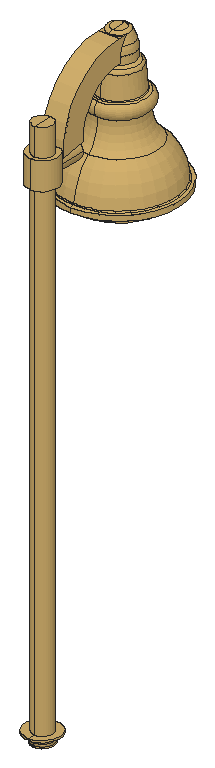
Revit family "KLV167", category Lighting Fixtures, Revit 2014
Parameters (values of type "KLV167")
  Wattage Comments = "12W"  # constant formula
  Wattage = 12 W
  built-in parameter 1150110 = 1 (stored number, unit not read)
  Voltage = 120 V
  URL = "http://www.kimlighting.com"
  Type Comments = "Lighting Fixture"  # constant formula
  built-in parameter 1114217 = 1 (stored number, unit not read)
  Tilt Angle = 90.00°
  built-in parameter 1150109 = 1 (stored number, unit not read)
  built-in parameter 1150134 = 3
  built-in parameter 1150113 = 1 (stored number, unit not read)
  Series = "Bell Accent/Path/Wall Lighting"  # constant formula
  Product Page URL = "https://www.hubbell.com/kimlighting/en/Products/Lighting-Controls/Commercial-Outdoor-Lighting/Landscape/Bell/p/248517"
  Product Documentation Link = "https://hubbellcdn.com/catalogpage/kim_bell_psg.pdf"
  Power Factor = 0.9  # constant formula
  Pole Height = Mount Height - 16 1/2"  # 29"
  Pole Finish = Metal-Kim Lighting-Aluminum Alloy
  Photometric Web Link = "https://www.hubbell.com/kimlighting/en/Products/Lighting-Controls/Commercial-Outdoor-Lighting/Landscape/Bell/p/248517#prod-photometry-section"
  Photometric Web File = "an52-9l3k.ies"
  Photometric Notes = "More IES files download on Photometric Web Link"  # constant formula
  OmniClass Title = "Street and Roadway Lighting"  # constant formula
  OmniClass Number = "23-80 70 14 21"  # constant formula
  Number of Poles = 1
  Mount Height = 45 1/2"
  Model = "Bell"  # constant formula
  MasterFormat Title = "Parking Lighting, Roadway Lighting, Site Lighting"  # constant formula
  Manufacturer = "Kim Lighting"  # constant formula
  built-in parameter 1150105 = 954.93 (stored number, unit not read)
  Lumens = 12000 lm
  built-in parameter 1150115 = 1 (stored number, unit not read)
  Load Classification = Lighting
  built-in parameter 1150137 = (empty or 0)
  built-in parameter 1150139 = (empty or 0)
  built-in parameter 1150112 = 1 (stored number, unit not read)
  built-in parameter 1150114 = 1 (stored number, unit not read)
  Lamp = "LED"  # constant formula
  Inside Material = Metal-Kim Lighting-Aluminum-Reflective
  built-in parameter 1150132 = (empty or 0)
  built-in parameter 1150102 = (empty or 0)
  built-in parameter 1150107 = 3200 (stored number, unit not read)
  built-in parameter 1150138 = (empty or 0)
  built-in parameter 1150106 = 9.5493 (stored number, unit not read)
  Housing Material = Metal-Hubbell-Brass
  Glass Material = Glass-Kim Lighting-Clear
  Finish = "All colors shall be a Super TGIC powder coat paint. Optional white (WH) and custom colors available."
  Emit from Circle Diameter = 5"  # constant formula
  Emit Shape Visible in Rendering = no
  built-in parameter 1150104 = 92.903 (stored number, unit not read)
  Dimming Lamp Color Temperature Shift = <None>
  Description = "Site/Roadway Luminaire"  # constant formula
  Color Filter = 16777215
  built-in parameter 1114218 = 1 (stored number, unit not read)
  built-in parameter 1150133 = 10 (stored number, unit not read)
  Assembly Code = "D5020200"
  Arm Material = Metal-Kim Lighting-Aluminum Alloy
  Apparent Load = 0 VA
  Height = 22"
Reference planes (in)
  plane 1 "Center (Front/Back)": y = 0
  plane 2: z = 29
  plane 3 "Center (Left/Right)": x = -1.40174
  plane 4: x = 2.59826
  plane 5: x = -5.40174
  plane 6: x = 11.09826
  plane 7: x = -13.90174
  plane 8: x = 3.59826
  plane 9: x = -6.40174
  plane 10: x = 4.34826
  plane 11: x = -7.15174
  plane 12: z = 0
  plane 13: y = 7.36328
  plane 14: z = 21.5
  plane 15: y = 1.86328
Forms (in)
  Revolve 1, solid, material "Metal-Hubbell-Brass" <- "Housing Material"
    sketch origin (-1.40174, 0, 0) x (0, 1, 0) y (0, 0, 1)
      loop
        line (4.61328, 21.62676) -> (4.61328, 27.81771) -> (4.61328, 29) -> (4.23357, 29)
        arc (4.23357, 29) -> (4.13504, 28.96893) -> (4.07214, 28.88697) r 0.17179
        line (4.07214, 28.88697) -> (3.92563, 28.48445)
        arc (3.92563, 28.48445) -> (3.87412, 28.29217) -> (3.85677, 28.09387) r 1.14196
        line (3.85677, 28.09387) -> (3.85677, 27.70949) -> (3.6932, 27.59496)
        arc (3.6932, 27.59496) -> (3.62374, 27.51849) -> (3.59396, 27.41956) r 0.23406
        line (3.59396, 27.41956) -> (3.51938, 26.35304)
        arc (3.51938, 26.35304) -> (3.49905, 26.31541) -> (3.45734, 26.3059) r 0.0518
        arc (3.45734, 26.3059) -> (3.38929, 26.30716) -> (3.32529, 26.28397) r 0.187
        arc (3.32529, 26.28397) -> (3.13659, 25.95447) -> (3.32529, 25.62497) r 0.38203
        arc (3.32529, 25.62497) -> (3.25412, 24.85274) -> (2.81226, 24.21543) r 1.52453
        arc (2.81226, 24.21543) -> (2.18956, 23.43071) -> (1.90739, 22.4695) r 2.61654
        arc (1.90739, 22.4695) -> (1.89501, 22.44168) -> (1.86829, 22.42707) r 0.04757
        line (1.86829, 22.42707) -> (1.71433, 22.39992) -> (1.71433, 22.14992) -> (1.98645, 22.14992)
        arc (1.98645, 22.14992) -> (2.02952, 22.13208) -> (2.04736, 22.08901) r 0.06091
        line (2.04736, 22.08901) -> (2.04736, 22.01035)
        arc (2.04736, 22.01035) -> (2.05616, 21.98911) -> (2.07739, 21.98031) r 0.03003
        line (2.07739, 21.98031) -> (2.15301, 21.98031)
        arc (2.15301, 21.98031) -> (2.40301, 21.87676) -> (2.50656, 21.62676) r 0.35355
        line (2.50656, 21.62676) -> (4.61328, 21.62676)
      axis (4.61328, 29) -> (4.61328, 21.62676)
    angle from 0 to 360
  Extrusion 2, solid, material "Metal-Hubbell-Brass" <- "Housing Material"
    sketch origin (-1.40174, 0, 0) x (0, 1, 0) y (0, 0, 1)
      loop
        line (0.64946, 25.17415) -> (1.79581, 25.37629)
        arc (1.79581, 25.37629) -> (2.44127, 27.08888) -> (4.12452, 27.80741) r 2.33086
        line (4.12452, 27.80741) -> (4.39959, 27.80741) -> (4.39959, 28.875) -> (4.02459, 28.875)
        arc (4.02459, 28.875) -> (1.52021, 27.76951) -> (0.64946, 25.17415) r 3.38946
    from -0.51895 to 0.50237
  Revolve 3, solid, material "Metal-Hubbell-Brass" <- "Housing Material"
    sketch origin (-1.40174, 0, 0) x (0, 1, 0) y (0, 0, 1)
      loop
        line (0, 26.875) -> (-0.4749, 26.875) -> (-0.4749, 25.5625) -> (-0.7249, 25.5625) -> (-0.7249, 24.25) -> (-0.4749, 24.25) -> (-0.4749, 0.5) -> (-0.84322, 0.5) -> (-0.84322, 0.4197) -> (-0.4749, 0.4197)
        arc (-0.4749, 0.4197) -> (-0.53551, 0.35908) -> (-0.4749, 0.29847) r 0.06061
        arc (-0.4749, 0.29847) -> (-0.53449, 0.23888) -> (-0.4749, 0.17928) r 0.05959
        arc (-0.4749, 0.17928) -> (-0.53551, 0.11867) -> (-0.4749, 0.05806) r 0.06061
        arc (-0.4749, 0.05806) -> (-0.51649, 0.04114) -> (-0.53447, 0) r 0.05959
        line (-0.53447, 0) -> (0, 0) -> (0, 26.875)
      axis (0, 26.875) -> (0, 0)
    angle from 0 to 360
  Extrusion 4, solid, material "Metal-Hubbell-Brass" <- "Housing Material"
    sketch origin (0, 0, 0) x (1, 0, 0) y (0, 0, 1)
      loop
        circle (-1.40174, 24.93242) r 0.49941
    from -1.80078 to -0.37962
Cuts and joins
  joined: Revolve 3, Extrusion 4
Dimensions and locks (in)
  equal spacing: plane 7, plane 3 "Center (Left/Right)", plane 6, locked at 12.5 each
  locked: plane 7 to plane 6 at 25
  equal spacing: plane 11, plane 3 "Center (Left/Right)", plane 10, locked at 5.75 each
  equal spacing: plane 9, plane 3 "Center (Left/Right)", plane 8, locked at 5 each
  equal spacing: plane 5, plane 3 "Center (Left/Right)", plane 4, locked at 4 each
  plane 2 to plane 12 = 29"
  plane 13 to plane 15 = 5 1/2"
  plane 2 to plane 14 = 7 1/2"
  plane 13 to plane 1 "Center (Front/Back)" = 7 93/256"
  aligned and locked: plane 3 "Center (Left/Right)" to nested 1
  aligned and locked: plane 3 "Center (Left/Right)" to imposter light
Automatic sketch dimensions
  Extrusion 2 sketch curve to plane 2 = 1/8"
  Extrusion 2 sketch curve to plane 1 "Center (Front/Back)" = 0.64946"
  Extrusion 2 sketch curve to plane 15 = 2.16131"
  Extrusion 2 sketch curve to Extrusion 2 sketch curve = 0.09993"
  Extrusion 2 sketch curve to Extrusion 2 sketch curve = 0.27507"
  Extrusion 2 sketch curve to Extrusion 2 sketch curve = 1.06759"
  Extrusion 2 sketch curve to Extrusion 2 sketch curve = 0.00899"
  Revolve 3 sketch curve to level = 0"
  Revolve 3 sketch curve to plane 1 "Center (Front/Back)" = 0"  (x2)
  plane 1 "Center (Front/Back)" to Revolve 3 sketch curve = 0.4749"  (x2)
  Revolve 3 sketch curve to Revolve 3 sketch curve = 0"  (x4)
  Revolve 3 sketch curve to Revolve 3 sketch curve = 1/4"
  Revolve 3 sketch curve to Revolve 3 sketch curve = 0.36832"
  level to Revolve 3 sketch curve = 0.11867"
  Revolve 3 sketch curve to Revolve 3 sketch curve = 0.12021"  (x2)
  Revolve 3 sketch curve to Revolve 3 sketch curve = 0.06061"
  Revolve 3 sketch curve to Revolve 3 sketch curve = 0.0803"
  plane 14 to Revolve 3 sketch curve = 2 3/4"
  Revolve 3 sketch curve to Revolve 3 sketch curve = 1 5/16"  (x2)
  Revolve 3 sketch curve to Revolve 3 sketch curve = 0.05958"
  Revolve 3 sketch curve to Revolve 3 sketch curve = 0.00154"
  Revolve 3 sketch curve to plane 14 = 2 1/4"
  Revolve 3 sketch curve to Revolve 3 sketch curve = 1/8"
  Revolve 1 sketch curve to plane 2 = 0"
  Revolve 1 sketch curve to plane 14 = 0"
  plane 15 to Revolve 1 sketch curve = 0.14895"
  plane 15 to Revolve 1 sketch curve = 0.04175"
  plane 15 to Revolve 1 sketch curve = 0.00325"
  Revolve 1 sketch curve to plane 15 = 0.00501"
  Revolve 1 sketch curve to plane 15 = 0.12317"
  Revolve 1 sketch curve to Revolve 1 sketch curve = 0.06091"
  Revolve 1 sketch curve to Revolve 1 sketch curve = 0.03003"
  Revolve 1 sketch curve to Revolve 1 sketch curve = 0.07562"
  plane 14 to Revolve 1 sketch curve = 0.12676"
  Revolve 1 sketch curve to Revolve 1 sketch curve = 0.35355"
  Revolve 1 sketch curve to plane 15 = 1.55664"
  Revolve 1 sketch curve to Revolve 1 sketch curve = 0.04779"
  Revolve 1 sketch curve to Revolve 1 sketch curve = 0.0987"
  Revolve 1 sketch curve to Revolve 1 sketch curve = 0.05168"
  Revolve 1 sketch curve to Revolve 1 sketch curve = 0.07458"
  Revolve 1 sketch curve to plane 2 = 1.40504"
  Revolve 1 sketch curve to Revolve 1 sketch curve = 0.09924"
  Revolve 1 sketch curve to Revolve 1 sketch curve = 0.23349"
  Revolve 1 sketch curve to Revolve 1 sketch curve = 0.16357"
  Revolve 1 sketch curve to plane 2 = 0.51555"
  Revolve 1 sketch curve to Revolve 1 sketch curve = 0.06887"
  Revolve 1 sketch curve to plane 2 = 0.11303"
  Revolve 1 sketch curve to Revolve 1 sketch curve = 0.14651"
  Revolve 1 sketch curve to Revolve 1 sketch curve = 0.16143"
  plane 14 to Revolve 1 sketch curve = 0.72672"
  Revolve 1 sketch curve to Revolve 1 sketch curve = 2.00608"
  Revolve 1 sketch curve to Revolve 1 sketch curve = 0.37971"
  Revolve 1 sketch curve to Revolve 1 sketch curve = 0.07867"
  Revolve 1 sketch curve to Revolve 1 sketch curve = 1/4"
  Revolve 1 sketch curve to Revolve 1 sketch curve = 0.02715"
  Revolve 1 sketch curve to Revolve 1 sketch curve = 0.04684"
  Revolve 1 sketch curve to Revolve 1 sketch curve = 2.90025"
  Revolve 1 sketch curve to Revolve 1 sketch curve = 1.64049"
  Revolve 1 sketch curve to Revolve 1 sketch curve = 0.16822"
  Revolve 1 sketch curve to Revolve 1 sketch curve = 0.23035"
  Revolve 1 sketch curve to Revolve 1 sketch curve = 0.00361"
  Revolve 1 sketch curve to Revolve 1 sketch curve = 0.19173"
  Revolve 1 sketch curve to Revolve 1 sketch curve = 0.11453"
  Revolve 1 sketch curve to Revolve 1 sketch curve = 0"  (x2)
  Revolve 1 sketch curve to Revolve 1 sketch curve = 0.13205"
  Revolve 1 sketch curve to Revolve 1 sketch curve = 0.19333"
  plane 13 to Revolve 1 sketch curve = 2 3/4"
  Revolve 1 sketch curve to Revolve 1 sketch curve = 10"
  Revolve 1 sketch curve to Revolve 1 sketch curve = 0.38544"
  Revolve 1 sketch curve to Revolve 1 sketch curve = 0.27616"
  Extrusion 4 sketch curve to plane 3 "Center (Left/Right)" = 0"
  plane 14 to Extrusion 4 sketch curve = 3.43242"
  plane 15 to Extrusion 2 sketch curve = 0.06747"
  Extrusion 2 sketch curve to Extrusion 2 sketch curve = 0.20213"
  radius of Extrusion 4 sketch curve = 0.49941"
Nested families (in)
  nested 1: "Notation" at (-1.40174, 8.53943, 0), type "Notation"
Connectors (in)
  electrical at (-1.40174, 0, 0.5)
    settings: on cut or joined group of Revolve 3, Extrusion 4, index 1, voltage 120 V, apparent load 12 VA, apparent load phase1 0 VA, apparent load phase2 0 VA, apparent load phase3 0 VA, power factor 1, load classification "Other", number of poles 1, system type 30, power factor state 1, is connector primary yes, connector utility no, sub classification motor no, connector description "Lighting Connector"
Definition of nested family "Notation"
  Parameters (values of type "Notation")
    Notation = "LF"
  Reference planes (in)
    plane 1: y = 0
    plane 2: x = 0
  Text (in)
    label "Notation" at (0.02149, 0.07192, 0), shows "Notation"
